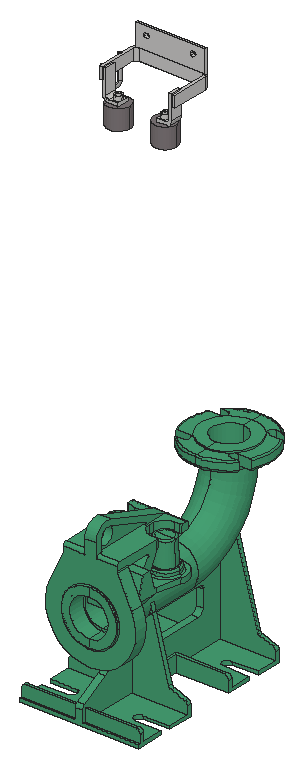
Revit family "Rail_System-Zoeller-(2pt5_3_Inch)", category Mechanical Equipment, Revit 2014
Parameters (values of type "39-0094 - 2-1/2" - 3" Rail System")
  Waste Connection = yes
  Vent Connection = no
  URL = "http://www.zoellerpumps.com/"
  Rail System Discharge Radius = 1 1/2"
  Rail System Discharge Diameter = Rail System Discharge Radius * 2  # 3"
  Pump Discharge Radius = 1 1/2"
  Pump Discharge Diameter = Pump Discharge Radius * 2  # 3"
  Product Page URL = ""
  Product Documentation Link = ""
  Price = "Prices may vary. Please consult Manufacturer Representative for most up-to-date price list."  # constant formula
  Non-Sparking Rail System = no
  Mounting Plate = Mounting_Plate-Zoeller-Rail_System-C00536 : Mounting Plate
  Model = "3\" Rail System"
  Material = "Metal-Zoeller-Epoxy Powder Coated Ductile Iron"
  Manufacturer = "Zoeller"
  HW Connection = no
  Description = "3\" Guide Rail System SS"
  Default Elevation = 60"
  Creation Date = "1/25/2016"  # constant formula
  Connection Type = "2-1/2\" or 3\" Horizontal Flange"
  CW Connection = yes
  Bracket Height = 60"
  Assembly Code = "D2030400"
Types (2): name | Non-Sparking Rail System | Mounting Plate | Material
  39-0094 - 2-1/2" - 3" Rail System | no | Mounting_Plate-Zoeller-Rail_System-C00536 : Mounting Plate | "Metal-Zoeller-Epoxy Powder Coated Ductile Iron"
  39-0095 - 2-1/2" - 3" Non-Sparking Rail Sytem | yes | Mounting_Plate-Zoeller-Rail_System-C00536 : Mounting Plate - C00535 | "Brass-Zoeller-Copper Alloy"
Reference planes (in)
  plane 1 "Center (Front/Back)": y = 0
  plane 2: z = 0
  plane 3 "Center (Left/Right)": x = 0
  plane 4: z = 8
  plane 5: z = 15.78125
  plane 6: y = 1.5
  plane 7: y = -13.625
  plane 8: y = -3.875
  plane 9: y = -1.125
  plane 10: y = -15.3125
  plane 11: x = -3.74897
  plane 12: x = 3.74897
  plane 13: y = -9.65625
  plane 14: x = 2.0625
  plane 15: x = -2.0625
  plane 16: z = 43.78125
Forms (in)
  Revolve 1, solid, material "Metal-Zoeller-Powder Coated Cast Iron"
    sketch origin (0, 0, 0) x (0, 1, 0) y (0, 0, 1)
      loop
        line (1.5, 13.98923) -> (1.99999, 13.98923) -> (2.12694, 14.70921)
        arc (2.12694, 14.70921) -> (2.1697, 14.78326) -> (2.25004, 14.8125) r 0.125
        line (2.25004, 14.8125) -> (3.62687, 14.8125)
        arc (3.62687, 14.8125) -> (3.71394, 14.84856) -> (3.75, 14.93563) r 0.12313
        line (3.75, 14.93563) -> (3.75, 15.56399)
        arc (3.75, 15.56399) -> (3.71382, 15.65132) -> (3.62649, 15.6875) r 0.12351
        line (3.62649, 15.6875) -> (2.50397, 15.6875) -> (2.50397, 15.78125) -> (1.5, 15.78125) -> (1.5, 13.98923)
      axis (0, 13.98923) -> (0, 15.78125)
    angle from 0 to 360
  Sweep 2, solid, material "Metal-Zoeller-Powder Coated Cast Iron"
    path origin (0, 0, 0) x (0, 1, 0) y (0, 0, 1)
      loop
        line (-14.03125, 8) -> (-6, 8)
        arc (-6, 8) -> (-1.75736, 9.75736) -> (0, 14) r 6
    profile origin (0, -10.01563, 8) x (0, 0, 1) y (1, 0, 0)
      loop
        circle (0, 0) r 2
      loop
        circle (0, 0) r 1.5
  Extrusion 3, solid, material "Metal-Zoeller-Powder Coated Cast Iron"
    sketch origin (0, 0, 0) x (0, 1, 0) y (0, 0, 1)
      loop
        line (-16.5625, 0.29688) -> (-1.42188, 0.29688) -> (-1.42188, 7.62859)
        arc (-1.42188, 7.62859) -> (-3.56034, 6.55535) -> (-5.92431, 6.18585) r 7.74689
        line (-5.92431, 6.18585) -> (-13.8125, 6.18585) -> (-13.8125, 3.19597)
        arc (-13.8125, 3.19597) -> (-13.86274, 3.00847) -> (-14, 2.87121) r 0.375
        line (-14, 2.87121) -> (-16.375, 1.60825)
        arc (-16.375, 1.60825) -> (-16.51226, 1.47099) -> (-16.5625, 1.28349) r 0.375
        line (-16.5625, 1.28349) -> (-16.5625, 0.29688)
      loop
        line (-3.75, 5.5) -> (-9, 5.5)
        arc (-9, 5.5) -> (-9.35355, 5.35355) -> (-9.5, 5) r 0.5
        line (-9.5, 5) -> (-9.5, 3.5)
        arc (-9.5, 3.5) -> (-9.35355, 3.14645) -> (-9, 3) r 0.5
        line (-9, 3) -> (-3.75, 3)
        arc (-3.75, 3) -> (-3.39645, 3.14645) -> (-3.25, 3.5) r 0.5
        line (-3.25, 3.5) -> (-3.25, 5)
        arc (-3.25, 5) -> (-3.39645, 5.35355) -> (-3.75, 5.5) r 0.5
    from -0.31032 to 0.31032
  Extrusion 4, solid, material "Metal-Zoeller-Powder Coated Cast Iron"
    sketch origin (0, 0, 0) x (0, 1, 0) y (0, 0, 1)
      loop
        line (-10.875, 0) -> (-10.875, 8.25872) -> (-11.17188, 8.25872) -> (-11.17188, 0.29687) -> (-16.5625, 0.29688) -> (-16.5625, 0) -> (-10.875, 0)
      loop
        line (-1.125, 0) -> (-1.125, 9.1408) -> (-1.42188, 9.1408) -> (-1.42188, 0.29687) -> (-6.625, 0.29687) -> (-6.625, 0) -> (-1.125, 0)
    from -5.25 to 5.25
  Extrusion 5, void
    sketch origin (20, 0, 0) x (1, 0, 0) y (0, 0, 1)
      loop
        line (-23.60237, 2.01986) -> (-21.4641, 10) -> (-25.75, 10) -> (-25.75, 0) -> (-25.25, 0) -> (-25.25, 0.98742)
        arc (-25.25, 0.98742) -> (-25.18218, 1.20251) -> (-25.00326, 1.33981) r 0.375
        line (-25.00326, 1.33981) -> (-23.83634, 1.76453)
        arc (-23.83634, 1.76453) -> (-23.68812, 1.86357) -> (-23.60237, 2.01986) r 0.375
      loop
        arc (-16.39763, 2.01986) -> (-16.31188, 1.86357) -> (-16.16366, 1.76453) r 0.375
        line (-16.16366, 1.76453) -> (-14.99674, 1.33981)
        arc (-14.99674, 1.33981) -> (-14.81782, 1.20251) -> (-14.75, 0.98742) r 0.375
        line (-14.75, 0.98742) -> (-14.75, 0) -> (-14.25, 0) -> (-14.25, 9.51992) -> (-18.40726, 9.51992) -> (-16.39763, 2.01986)
    from 0 to 12
  Extrusion 6, solid, material "Metal-Zoeller-Powder Coated Cast Iron"
    sketch origin (0.31032, 0, 0) x (0, 1, 0) y (0, 0, 1)
      loop
        line (-6.625, 1.36956) -> (-10.875, 1.36956) -> (-10.875, 0) -> (-6.625, 0) -> (-6.625, 1.36956)
    from 0 to 0.29688
  Extrusion 7, solid, material "Metal-Zoeller-Powder Coated Cast Iron"
    sketch origin (-0.31032, 0, 0) x (0, 1, 0) y (0, 0, -1)
      loop
        line (-6.625, -1.36956) -> (-6.625, 0) -> (-10.875, 0) -> (-10.875, -1.36956) -> (-6.625, -1.36956)
    from 0 to 0.29688
  Extrusion 8, solid, material "Metal-Zoeller-Powder Coated Cast Iron"
    sketch origin (0, -0.00862, 0.02976) x (1, 0, 0) y (0, 0, 1)
      loop
        line (4.875, 1.33981) -> (-4.875, 1.33981)
        arc (-4.875, 1.33981) -> (-5.14017, 1.22997) -> (-5.25, 0.96481) r 0.375
        line (-5.25, 0.96481) -> (-5.25, -0.02976) -> (5.25, -0.02976) -> (5.25, 0.96481)
        arc (5.25, 0.96481) -> (5.14017, 1.22997) -> (4.875, 1.33981) r 0.375
    from 6.31951 to 6.61638
  Extrusion 9, solid, material "Metal-Zoeller-Powder Coated Cast Iron"
    sketch origin (0, -9.75862, 0.02976) x (1, 0, 0) y (0, 0, 1)
      loop
        line (4.875, 1.33981) -> (-4.875, 1.33981)
        arc (-4.875, 1.33981) -> (-5.14017, 1.22997) -> (-5.25, 0.96481) r 0.375
        line (-5.25, 0.96481) -> (-5.25, -0.02976) -> (5.25, -0.02976) -> (5.25, 0.96481)
        arc (5.25, 0.96481) -> (5.14017, 1.22997) -> (4.875, 1.33981) r 0.375
    from 6.31951 to 6.61638
  Extrusion 10, void
    sketch origin (0, 0, 0) x (1, 0, 0) y (0, 1, 0)
      loop
        line (-2.92223, -3.43777) -> (-6.02347, -3.32947) -> (-6.02347, -4.42053) -> (-2.92223, -4.31223)
        arc (-2.92223, -4.31223) -> (-2.5, -3.875) -> (-2.92223, -3.43777) r 0.4375
      loop
        arc (2.92223, -3.43777) -> (2.5, -3.875) -> (2.92223, -4.31223) r 0.4375
        line (2.92223, -4.31223) -> (6.02347, -4.42053) -> (6.02347, -3.32947) -> (2.92223, -3.43777)
      loop
        line (-2.92223, -13.18777) -> (-6.02347, -13.07947) -> (-6.02347, -14.17053) -> (-2.92223, -14.06223)
        arc (-2.92223, -14.06223) -> (-2.5, -13.625) -> (-2.92223, -13.18777) r 0.4375
      loop
        arc (2.92223, -13.18777) -> (2.5, -13.625) -> (2.92223, -14.06223) r 0.4375
        line (2.92223, -14.06223) -> (6.02347, -14.17053) -> (6.02347, -13.07947) -> (2.92223, -13.18777)
    from 0 to 2.87389
  Extrusion 11, solid, material "Metal-Zoeller-Powder Coated Cast Iron"
    sketch origin (0, 0, 0) x (0, 1, 0) y (0, 0, 1)
      loop
        line (-12.65126, 11.5625) -> (-13.51237, 11.5625) -> (-13.95624, 9.93114) -> (-13.85503, 8) -> (-12.36082, 8) -> (-12.25961, 9.93114) -> (-12.65126, 11.5625)
    from -3.125 to 3.125
  Extrusion 12, void
    sketch origin (20, 0, 0) x (1, 0, 0) y (0, 0, 1)
      loop
        line (-18.16551, 7.98849) -> (-18.16551, 7.51896) -> (-15.31571, 7.51896) -> (-15.31571, 10.17126) -> (-16.36679, 10.17126) -> (-18.16551, 7.98849)
      loop
        line (-21.83449, 7.98849) -> (-23.63321, 10.17126) -> (-24.68429, 10.17126) -> (-24.68429, 7.51896) -> (-21.83449, 7.51896) -> (-21.83449, 7.98849)
    from 9.5 to 17.05935
  Extrusion 13, solid, material "Metal-Zoeller-Powder Coated Cast Iron"
    sketch origin (0, 0, 0) x (1, 0, 0) y (0, 1, 0)
      loop
        arc (-2.124, -7.90625) -> (-3.4132, -8.54201) -> (-3.69363, -9.95183) r 1.625
        line (-3.69363, -9.95183) -> (-3.125, -12.07398) -> (-3.125, -13.10792) -> (3.125, -13.10792) -> (3.125, -12.07398) -> (3.69363, -9.95183)
        arc (3.69363, -9.95183) -> (3.4132, -8.54201) -> (2.124, -7.90625) r 1.625
        line (2.124, -7.90625) -> (-2.124, -7.90625)
    from 9.55455 to 10
  Revolve 14, solid, material "Metal-Zoeller-Powder Coated Cast Iron"
    sketch origin (0.0625, -9.65625, 0) x (1, 0, 0) y (0, 0, 1)
      loop
        arc (3.38776, 10) -> (3.30093, 10.03508) -> (3.26284, 10.12064) r 0.125
        line (3.26284, 10.12064) -> (3.25421, 10.36764)
        arc (3.25421, 10.36764) -> (3.21767, 10.45732) -> (3.13176, 10.50201) r 0.14041
        line (3.13176, 10.50201) -> (3.00535, 10.51823)
        arc (3.00535, 10.51823) -> (2.96711, 10.53812) -> (2.95085, 10.57804) r 0.0625
        line (2.95085, 10.57804) -> (2.87921, 12.62936)
        arc (2.87921, 12.62936) -> (2.84112, 12.71492) -> (2.75429, 12.75) r 0.125
        line (2.75429, 12.75) -> (2, 12.75) -> (2, 10) -> (3.38776, 10)
      axis (2, 10) -> (2, 12.75)
    angle from 0 to 360
  Extrusion 15, void
    sketch origin (0, 0, 0) x (1, 0, 0) y (0, 1, 0)
      loop
        line (-3.73237, 1.68983) -> (-2.10823, 1.74655)
        arc (-2.10823, 1.74655) -> (-1.74632, 2.12132) -> (-2.10823, 2.49609) r 0.375
        line (-2.10823, 2.49609) -> (-3.73237, 2.49609) -> (-3.73237, 1.68983)
      loop
        line (3.73237, 1.68983) -> (3.73237, 2.49609) -> (2.10823, 2.49609)
        arc (2.10823, 2.49609) -> (1.74632, 2.12132) -> (2.10823, 1.74655) r 0.375
        line (2.10823, 1.74655) -> (3.73237, 1.68983)
      loop
        line (-3.73237, -1.68983) -> (-3.73237, -2.49609) -> (-2.10823, -2.49609)
        arc (-2.10823, -2.49609) -> (-1.74632, -2.12132) -> (-2.10823, -1.74655) r 0.375
        line (-2.10823, -1.74655) -> (-3.73237, -1.68983)
      loop
        line (3.73237, -1.68983) -> (2.10823, -1.74655)
        arc (2.10823, -1.74655) -> (1.74632, -2.12132) -> (2.10823, -2.49609) r 0.375
        line (2.10823, -2.49609) -> (3.73237, -2.49609) -> (3.73237, -1.68983)
    from 11.79898 to 18.1191
  Revolve 16, solid, material "Metal-Zoeller-Powder Coated Cast Iron"
    sketch origin (-0.0625, -9.65625, 0) x (-1, 0, 0) y (0, 0, -1)
      loop
        line (3.38776, -10) -> (2, -10) -> (2, -12.75) -> (2.75429, -12.75)
        arc (2.75429, -12.75) -> (2.84112, -12.71492) -> (2.87921, -12.62936) r 0.125
        line (2.87921, -12.62936) -> (2.95085, -10.57804)
        arc (2.95085, -10.57804) -> (2.96711, -10.53812) -> (3.00535, -10.51823) r 0.0625
        line (3.00535, -10.51823) -> (3.13176, -10.50201)
        arc (3.13176, -10.50201) -> (3.21767, -10.45732) -> (3.25421, -10.36764) r 0.14041
        line (3.25421, -10.36764) -> (3.26284, -10.12064)
        arc (3.26284, -10.12064) -> (3.30093, -10.03508) -> (3.38776, -10) r 0.125
      axis (2, -10) -> (2, -12.75)
    angle from 0 to 360
Cuts and joins
  Extrusion 10, Extrusion 15 cuts Extrusion 3
  Extrusion 5, Extrusion 10, Extrusion 15 cuts Extrusion 4
  Extrusion 10, Extrusion 15 cuts Extrusion 6
  Extrusion 10, Extrusion 15 cuts Extrusion 7
  Extrusion 10, Extrusion 15 cuts Extrusion 8
  Extrusion 10, Extrusion 15 cuts Extrusion 9
  joined: Extrusion 3, Extrusion 4, Extrusion 6, Extrusion 7, Extrusion 8, Extrusion 9
  Extrusion 10, Extrusion 15 cuts Sweep 2
  Extrusion 12, Extrusion 15 cuts Extrusion 11
  Extrusion 15 cuts Extrusion 13
  Extrusion 15 cuts Revolve 14
  joined: Sweep 2, Extrusion 11, Extrusion 13, Revolve 14, Revolve 16
  Extrusion 15 cuts Revolve 1
Lines and regions (in)
  Masking region 1
    outline origin (0, 0, 0) x (1, 0, 0) y (0, 1, 0)
      loop
        line (-5.25, -14.14352) -> (-5.25, -16.5625) -> (5.25, -16.5625) -> (5.25, -14.14352) -> (2.92223, -14.06223)
        arc (2.92223, -14.06223) -> (2.7779, -14.03235) -> (2.65169, -13.95624) r 0.4375
        line (2.65169, -13.95624) -> (3.125, -13.95624) -> (3.125, -13.18069) -> (5.25, -13.10648) -> (5.25, -10.875) -> (3.44627, -10.875) -> (3.69363, -9.95183)
        arc (3.69363, -9.95183) -> (3.4132, -8.54201) -> (2.124, -7.90625) r 1.625
        line (2.124, -7.90625) -> (2, -7.90625) -> (2, -6.625) -> (5.25, -6.625) -> (5.25, -4.39352) -> (2.92223, -4.31223)
        arc (2.92223, -4.31223) -> (2.5, -3.875) -> (2.92223, -3.43777) r 0.4375
        line (2.92223, -3.43777) -> (5.25, -3.35648) -> (5.25, -1.125) -> (3.57727, -1.125)
        arc (3.57727, -1.125) -> (3.73696, 0.3125) -> (3.34074, 1.70351) r 3.75
        line (3.34074, 1.70351) -> (2.10823, 1.74655)
        arc (2.10823, 1.74655) -> (1.74632, 2.12132) -> (2.10823, 2.49609) r 0.375
        line (2.10823, 2.49609) -> (2.79858, 2.49609)
        arc (2.79858, 2.49609) -> (0, 3.75) -> (-2.79858, 2.49609) r 3.75
        line (-2.79858, 2.49609) -> (-2.10823, 2.49609)
        arc (-2.10823, 2.49609) -> (-1.74632, 2.12132) -> (-2.10823, 1.74655) r 0.375
        line (-2.10823, 1.74655) -> (-3.34074, 1.70351)
        arc (-3.34074, 1.70351) -> (-3.73696, 0.3125) -> (-3.57727, -1.125) r 3.75
        line (-3.57727, -1.125) -> (-5.25, -1.125) -> (-5.25, -3.35648) -> (-2.92223, -3.43777)
        arc (-2.92223, -3.43777) -> (-2.5, -3.875) -> (-2.92223, -4.31223) r 0.4375
        line (-2.92223, -4.31223) -> (-5.25, -4.39352) -> (-5.25, -6.625) -> (-2, -6.625) -> (-2, -7.90625) -> (-2.124, -7.90625)
        arc (-2.124, -7.90625) -> (-3.4132, -8.54201) -> (-3.69363, -9.95183) r 1.625
        line (-3.69363, -9.95183) -> (-3.44627, -10.875) -> (-5.25, -10.875) -> (-5.25, -13.10648) -> (-3.125, -13.18069) -> (-3.125, -13.95624) -> (-2.65169, -13.95624)
        arc (-2.65169, -13.95624) -> (-2.7779, -14.03235) -> (-2.92223, -14.06223) r 0.4375
        line (-2.92223, -14.06223) -> (-5.25, -14.14352)
  symbolic lines, detail levels medium+fine
    curve 1: line (-2, -7.90625, 0) -> (2, -7.90625, 0)
    curve 2: line (-2.10823, -1.74655, 0) -> (-3.34074, -1.70351, 0)
    curve 3: arc (-2.10823, -2.49609, 0) -> (-1.74632, -2.12132, 0) -> (-2.10823, -1.74655, 0) r 0.375
    curve 4: line (-2.79858, -2.49609, 0) -> (-2.10823, -2.49609, 0)
    curve 5: line (2.10823, -2.49609, 0) -> (2.79858, -2.49609, 0)
    curve 6: arc (2.10823, -1.74655, 0) -> (1.74632, -2.12132, 0) -> (2.10823, -2.49609, 0) r 0.375
    curve 7: line (3.34074, -1.70351, 0) -> (2.10823, -1.74655, 0)
    curve 8: arc (-2.79858, -2.49609, 0) -> (0, -3.75134, 0) -> (2.79858, -2.49609, 0) r 3.74733
    curve 9: arc (3.34074, -1.70351, 0) -> (3.46925, -1.41844, 0) -> (3.57727, -1.125, 0) r 4.41963
    curve 10: arc (-3.34074, -1.70351, 0) -> (-3.46925, -1.41844, 0) -> (-3.57727, -1.125, 0) r 4.41963
    curve 11: line (-3.125, -13.18069, 0) -> (-3.125, -12.27935, 0)
    curve 12: line (-3.125, -12.27935, 0) -> (-3.44627, -10.875, 0)
    curve 13: line (3.125, -13.18069, 0) -> (3.125, -12.27935, 0)
    curve 14: line (3.125, -12.27935, 0) -> (3.44627, -10.875, 0)
    curve 15: line (-2.65169, -13.95624, 0) -> (2.65169, -13.95624, 0)
  symbolic lines, detail levels fine
    curve 16: circle (0, 0, 0) r 1.5 normal (0, 0, 1)
    curve 17: line (-2, -6.625, 0) -> (-2, -3.173, 0)
    curve 18: line (2, -6.625, 0) -> (2, -3.173, 0)
Dimensions and locks (in)
  locked: Revolve 1 sketch curve to plane 1 "Center (Front/Back)" at 3.75
  locked: Revolve 1 sketch curve to Revolve 1 sketch curve at 1.24603
  locked: Revolve 1 sketch curve to Revolve 1 sketch curve at 1.62306
  "Rail System Discharge Radius": plane 6 to plane 1 "Center (Front/Back)"
  locked: Revolve 1 sketch curve to Revolve 1 sketch curve at 1.75001
  plane 15 to plane 14 = 4 1/8"  (x2)
  "Pump Discharge Radius": radius of Sweep 2 sketch curve
  aligned and locked: Revolve 1 sketch curve to plane 6
  aligned and locked: plane 3 "Center (Left/Right)" to nested 1
  aligned and locked: plane 3 "Center (Left/Right)" to nested 2
  aligned and locked: plane 13 to nested 2
Automatic sketch dimensions
  plane 9 to curve 10 = 0"
  plane 1 "Center (Front/Back)" to curve 16 = 0"
  curve 16 to plane 3 "Center (Left/Right)" = 0"
  curve 8 to plane 3 "Center (Left/Right)" = 0"
  plane 9 to curve 9 = 0"
  curve 9 to plane 1 "Center (Front/Back)" = 0.25417"
  curve 9 to plane 3 "Center (Left/Right)" = 0.62166"
  curve 17 to plane 15 = 1/16"
  curve 1 to plane 15 = 1/16"
  plane 15 to curve 3 = 0.04573"  (x2)
  plane 15 to curve 3 = 0.05882"
  plane 15 to curve 15 = 0.58919"
  curve 8 to curve 3 = 0.69034"
  curve 11 to plane 11 = 0.62397"
  curve 10 to plane 11 = 0.40823"
  curve 12 to plane 11 = 0.3027"
  curve 10 to plane 11 = 0.1717"
  curve 10 to plane 1 "Center (Front/Back)" = 0.25417"
  plane 3 "Center (Left/Right)" to curve 10 = 0.62166"
  curve 1 to plane 14 = 1/16"
  curve 18 to plane 14 = 1/16"
  plane 14 to curve 6 = 0.04573"
  plane 14 to curve 7 = 0.04573"
  plane 14 to curve 6 = 0.05882"
  plane 14 to curve 15 = 0.58919"
  curve 5 to curve 5 = 0.69034"
  curve 13 to plane 12 = 0.62397"
  curve 7 to plane 12 = 0.40823"
  curve 14 to plane 12 = 0.3027"
  curve 9 to plane 12 = 0.1717"
  plane 9 to curve 3 = 0.62155"
  plane 9 to curve 7 = 0.62155"
  curve 3 to curve 2 = 0.37477"
  curve 18 to curve 5 = 0.67691"
  plane 8 to curve 17 = 2 3/4"
  plane 8 to curve 18 = 2 3/4"
  curve 1 to curve 18 = 1 9/32"
  plane 13 to curve 12 = 1 7/32"
  plane 13 to curve 14 = 1 7/32"
  curve 13 to plane 7 = 1.34565"
  curve 11 to plane 7 = 1.34565"
  curve 13 to plane 7 = 0.44431"
  curve 11 to plane 7 = 0.44431"
  plane 7 to curve 15 = 0.33124"
  Revolve 1 sketch curve to plane 1 "Center (Front/Back)" = 0"
  Revolve 1 sketch curve to plane 5 = 0"
  Revolve 1 sketch curve to Revolve 1 sketch curve = 0.1231"
  Revolve 1 sketch curve to plane 5 = 3/32"
  Revolve 1 sketch curve to Revolve 1 sketch curve = 0.12351"
  Revolve 1 sketch curve to Revolve 1 sketch curve = 0.12313"
  Revolve 1 sketch curve to Revolve 1 sketch curve = 0.62836"
  Revolve 1 sketch curve to Revolve 1 sketch curve = 0.10329"
  Revolve 1 sketch curve to Revolve 1 sketch curve = 0.71998"
  plane 5 to Revolve 1 sketch curve = 1.09568"
  Revolve 1 sketch curve to Revolve 1 sketch curve = 2 1/4"
  Sweep 2 sketch curve to plane 4 = 0"
  Sweep 2 sketch curve to plane 1 "Center (Front/Back)" = 0"
  plane 8 to Sweep 2 sketch curve = 2 1/8"
  plane 7 to Sweep 2 sketch curve = 13/32"
  Sweep 2 sketch curve to Sweep 2 sketch curve = 0"  (x2)
  Sweep 2 sketch curve to plane 3 "Center (Left/Right)" = 0"
  Sweep 2 sketch curve to profile plane = 0"
  level to Extrusion 3 sketch curve = 19/64"
  plane 10 to Extrusion 3 sketch curve = 1 1/4"
  Extrusion 3 sketch curve to Extrusion 3 sketch curve = 3/16"  (x2)
  Extrusion 3 sketch curve to Extrusion 3 sketch curve = 3/8"
  plane 7 to Extrusion 3 sketch curve = 9/16"
  plane 7 to Extrusion 3 sketch curve = 3/16"
  Extrusion 3 sketch curve to plane 13 = 5/32"
  Extrusion 3 sketch curve to plane 13 = 21/32"
  Extrusion 3 sketch curve to Extrusion 3 sketch curve = 1/2"  (x2)
  plane 8 to Extrusion 3 sketch curve = 2.04931"
  Extrusion 3 sketch curve to plane 8 = 1/8"  (x2)
  plane 9 to Extrusion 3 sketch curve = 19/64"
  Extrusion 3 sketch curve to Extrusion 3 sketch curve = 0.98662"
  Extrusion 3 sketch curve to Extrusion 3 sketch curve = 1.26295"
  level to Extrusion 3 sketch curve = 3"
  Extrusion 3 sketch curve to Extrusion 3 sketch curve = 1 1/2"
  Extrusion 3 sketch curve to plane 4 = 1.81415"
  Extrusion 3 sketch curve to plane 4 = 0.37141"
  Extrusion 4 sketch curve to level = 0"  (x2)
  Extrusion 4 sketch curve to plane 9 = 0"
  plane 9 to Extrusion 4 sketch curve = 19/64"
  level to Extrusion 4 sketch curve = 19/64"  (x2)
  plane 8 to Extrusion 4 sketch curve = 2 3/4"
  plane 4 to Extrusion 4 sketch curve = 0.25872"
  plane 13 to Extrusion 4 sketch curve = 1 7/32"
  Extrusion 4 sketch curve to Extrusion 4 sketch curve = 19/64"
  plane 10 to Extrusion 4 sketch curve = 1 1/4"
  plane 4 to Extrusion 4 sketch curve = 1.1408"
  Extrusion 5 sketch curve to level = 0"  (x2)
  plane 11 to Extrusion 5 sketch curve = 2.00103"
  Extrusion 5 sketch curve to Extrusion 5 sketch curve = 1/2"
  Extrusion 5 sketch curve to Extrusion 5 sketch curve = 0.24674"
  Extrusion 5 sketch curve to Extrusion 5 sketch curve = 0.12826"  (x2)
  plane 11 to Extrusion 5 sketch curve = 0.21563"
  plane 11 to Extrusion 5 sketch curve = 0.08737"
  Extrusion 5 sketch curve to plane 11 = 0.14659"
  Extrusion 5 sketch curve to plane 15 = 0.5984"
  Extrusion 5 sketch curve to plane 14 = 0.46976"
  Extrusion 5 sketch curve to plane 12 = 0.14659"
  plane 12 to Extrusion 5 sketch curve = 0.08737"
  plane 12 to Extrusion 5 sketch curve = 0.21563"
  plane 12 to Extrusion 5 sketch curve = 1.12603"
  Extrusion 5 sketch curve to Extrusion 5 sketch curve = 3/8"
  plane 12 to Extrusion 5 sketch curve = 2.00103"
  level to Extrusion 5 sketch curve = 0.98742"
  Extrusion 5 sketch curve to Extrusion 5 sketch curve = 0.98742"
  Extrusion 5 sketch curve to Extrusion 5 sketch curve = 0.42472"  (x2)
  Extrusion 5 sketch curve to Extrusion 5 sketch curve = 0.25533"  (x2)
  plane 4 to Extrusion 5 sketch curve = 1.51992"
  plane 4 to Extrusion 5 sketch curve = 2"
  Extrusion 6 sketch curve to level = 0"
  plane 13 to Extrusion 6 sketch curve = 1 7/32"
  plane 8 to Extrusion 6 sketch curve = 2 3/4"
  level to Extrusion 6 sketch curve = 1.36956"
  Extrusion 7 sketch curve to level = 0"
  plane 13 to Extrusion 7 sketch curve = 1 7/32"
  plane 8 to Extrusion 7 sketch curve = 2 3/4"
  Extrusion 7 sketch curve to Extrusion 7 sketch curve = 1.36956"
  Extrusion 8 sketch curve to level = 0"
  plane 11 to Extrusion 8 sketch curve = 1.50103"
  Extrusion 8 sketch curve to Extrusion 8 sketch curve = 3/8"  (x2)
  plane 12 to Extrusion 8 sketch curve = 1.12603"
  Extrusion 8 sketch curve to Extrusion 8 sketch curve = 0.99456"
  Extrusion 9 sketch curve to level = 0"
  plane 11 to Extrusion 9 sketch curve = 1.50103"
  Extrusion 9 sketch curve to Extrusion 9 sketch curve = 3/8"  (x2)
  plane 12 to Extrusion 9 sketch curve = 1.12603"
  Extrusion 9 sketch curve to Extrusion 9 sketch curve = 0.99456"
  plane 7 to Extrusion 10 sketch curve = 0"  (x2)
  plane 8 to Extrusion 10 sketch curve = 0"  (x2)
  Extrusion 10 sketch curve to plane 8 = 0.54553"  (x2)
  plane 11 to Extrusion 10 sketch curve = 2.2745"  (x2)
  plane 7 to Extrusion 10 sketch curve = 0.54553"  (x2)
  Extrusion 10 sketch curve to plane 11 = 0.81147"  (x2)
  Extrusion 10 sketch curve to Extrusion 10 sketch curve = 0.01527"  (x6)
  Extrusion 10 sketch curve to plane 12 = 0.82674"  (x4)
  plane 12 to Extrusion 10 sketch curve = 2.2745"  (x2)
  plane 7 to Extrusion 10 sketch curve = 0.43723"  (x2)
  Extrusion 10 sketch curve to plane 7 = 0.54553"  (x2)
  plane 8 to Extrusion 10 sketch curve = 0.54553"  (x2)
  plane 8 to Extrusion 10 sketch curve = 0.43723"  (x2)
  Extrusion 11 sketch curve to plane 4 = 0"
  plane 7 to Extrusion 11 sketch curve = 0.33124"
  plane 7 to Extrusion 11 sketch curve = 0.23003"
  Extrusion 11 sketch curve to plane 7 = 0.11263"
  Extrusion 11 sketch curve to Extrusion 11 sketch curve = 0.86111"
  Extrusion 11 sketch curve to plane 7 = 1.26418"
  Extrusion 11 sketch curve to plane 7 = 1.36539"
  plane 4 to Extrusion 11 sketch curve = 1.93114"
  Extrusion 11 sketch curve to Extrusion 11 sketch curve = 0"
  Extrusion 11 sketch curve to Extrusion 11 sketch curve = 1.63136"
  plane 11 to Extrusion 12 sketch curve = 0.93532"
  Extrusion 12 sketch curve to plane 11 = 0.11576"
  Extrusion 12 sketch curve to plane 15 = 0.22801"
  Extrusion 12 sketch curve to plane 4 = 0.01151"  (x2)
  Extrusion 12 sketch curve to plane 14 = 0.22801"
  Extrusion 12 sketch curve to plane 12 = 0.11576"
  plane 12 to Extrusion 12 sketch curve = 0.93532"
  Extrusion 12 sketch curve to Extrusion 12 sketch curve = 0.46953"
  Extrusion 12 sketch curve to plane 4 = 0.48104"
  plane 4 to Extrusion 12 sketch curve = 2.17126"  (x2)
  Extrusion 13 sketch curve to plane 11 = 0.05534"
  Extrusion 13 sketch curve to plane 11 = 0.62397"
  plane 15 to Extrusion 13 sketch curve = 0.0615"
  plane 14 to Extrusion 13 sketch curve = 0.0615"
  Extrusion 13 sketch curve to plane 12 = 0.62397"
  Extrusion 13 sketch curve to plane 12 = 0.05534"
  Extrusion 13 sketch curve to plane 7 = 0.51708"
  Extrusion 13 sketch curve to Extrusion 13 sketch curve = 1.03394"  (x2)
  plane 13 to Extrusion 13 sketch curve = 0.29558"  (x2)
  Extrusion 13 sketch curve to plane 13 = 1/8"
  Revolve 14 sketch curve to plane 14 = 0"  (x2)
  plane 14 to Revolve 14 sketch curve = 0.75429"
  Revolve 14 sketch curve to Revolve 14 sketch curve = 0.12492"  (x2)
  Revolve 14 sketch curve to plane 12 = 0.73562"
  Revolve 14 sketch curve to Revolve 14 sketch curve = 0.05451"
  Revolve 14 sketch curve to Revolve 14 sketch curve = 0.06246"
  Revolve 14 sketch curve to Revolve 14 sketch curve = 0.10854"
  Revolve 14 sketch curve to Revolve 14 sketch curve = 0.12641"
  Revolve 14 sketch curve to Revolve 14 sketch curve = 0.14032"
  Revolve 14 sketch curve to Revolve 14 sketch curve = 0.00863"
  plane 4 to Revolve 14 sketch curve = 2"
  Revolve 14 sketch curve to Revolve 14 sketch curve = 0.12064"
  Revolve 14 sketch curve to Revolve 14 sketch curve = 0.24211"
  Revolve 14 sketch curve to Revolve 14 sketch curve = 0.0049"
  Revolve 14 sketch curve to Revolve 14 sketch curve = 0.01622"
  Revolve 14 sketch curve to Revolve 14 sketch curve = 0.05981"
  Revolve 14 sketch curve to Revolve 14 sketch curve = 2.04696"
  Revolve 14 sketch curve to Revolve 14 sketch curve = 0.00436"
  Revolve 14 sketch curve to Revolve 14 sketch curve = 0"
  Revolve 14 sketch curve to Revolve 14 sketch curve = 0.42688"
  Extrusion 15 sketch curve to plane 11 = 0.0166"  (x2)
  plane 15 to Extrusion 15 sketch curve = 0.05882"  (x2)
  plane 15 to Extrusion 15 sketch curve = 0.04573"  (x4)
  plane 14 to Extrusion 15 sketch curve = 0.04573"  (x4)
  plane 14 to Extrusion 15 sketch curve = 0.05882"  (x2)
  Extrusion 15 sketch curve to plane 12 = 0.0166"  (x2)
  plane 9 to Extrusion 15 sketch curve = 1 95/256"  (x2)
  Extrusion 15 sketch curve to Extrusion 15 sketch curve = 0.37477"  (x4)
  plane 9 to Extrusion 15 sketch curve = 0.56483"  (x2)
  Extrusion 15 sketch curve to plane 1 "Center (Front/Back)" = 1.68983"  (x2)
  Extrusion 15 sketch curve to Extrusion 15 sketch curve = 0.05672"  (x2)
  Masking region 1 sketch curve to Masking region 1 sketch curve = 0"  (x10)
  plane 9 to Masking region 1 sketch curve = 0"  (x2)
  plane 8 to Masking region 1 sketch curve = 0"  (x2)
  plane 7 to Masking region 1 sketch curve = 0"  (x2)
  plane 1 "Center (Front/Back)" to Masking region 1 sketch curve = 0"
  Masking region 1 sketch curve to plane 3 "Center (Left/Right)" = 0"
  Masking region 1 sketch curve to plane 15 = 1/16"
  plane 15 to Masking region 1 sketch curve = 0.04573"  (x2)
  plane 15 to Masking region 1 sketch curve = 0.05882"
  plane 15 to Masking region 1 sketch curve = 0.0615"
  plane 15 to Masking region 1 sketch curve = 0.58919"
  Masking region 1 sketch curve to Masking region 1 sketch curve = 0.69034"  (x2)
  Masking region 1 sketch curve to plane 11 = 0.82674"  (x2)
  Masking region 1 sketch curve to Masking region 1 sketch curve = 0.27054"  (x2)
  Masking region 1 sketch curve to Masking region 1 sketch curve = 0.01527"  (x4)
  Masking region 1 sketch curve to Masking region 1 sketch curve = 0.20277"  (x2)
  Masking region 1 sketch curve to plane 11 = 0.40823"
  Masking region 1 sketch curve to plane 11 = 0.3027"
  Masking region 1 sketch curve to plane 11 = 0.1717"
  Masking region 1 sketch curve to plane 11 = 0.05534"
  Masking region 1 sketch curve to plane 7 = 0.51852"  (x2)
  plane 11 to Masking region 1 sketch curve = 1.50103"  (x2)
  plane 7 to Masking region 1 sketch curve = 0.51852"  (x2)
  plane 8 to Masking region 1 sketch curve = 0.51852"  (x2)
  Masking region 1 sketch curve to plane 14 = 1/16"
  plane 14 to Masking region 1 sketch curve = 0.04573"  (x2)
  plane 14 to Masking region 1 sketch curve = 0.05882"
  plane 14 to Masking region 1 sketch curve = 0.0615"
  plane 14 to Masking region 1 sketch curve = 0.58919"
  Masking region 1 sketch curve to plane 12 = 0.82674"  (x2)
  Masking region 1 sketch curve to plane 12 = 0.40823"
  Masking region 1 sketch curve to plane 12 = 0.3027"
  Masking region 1 sketch curve to plane 12 = 0.1717"
  Masking region 1 sketch curve to plane 12 = 0.05534"
  plane 12 to Masking region 1 sketch curve = 1.50103"  (x2)
  plane 10 to Masking region 1 sketch curve = 1 1/4"
  plane 7 to Masking region 1 sketch curve = 0.43723"  (x2)
  Masking region 1 sketch curve to plane 7 = 0.44431"  (x2)
  plane 13 to Masking region 1 sketch curve = 1 7/32"  (x2)
  plane 13 to Masking region 1 sketch curve = 0.29558"  (x2)
  Masking region 1 sketch curve to plane 13 = 1/8"  (x2)
  Masking region 1 sketch curve to Masking region 1 sketch curve = 2.23148"
  Masking region 1 sketch curve to Masking region 1 sketch curve = 1 9/32"
  plane 8 to Masking region 1 sketch curve = 0.43723"  (x2)
  Masking region 1 sketch curve to plane 8 = 0.51852"  (x2)
  Masking region 1 sketch curve to Masking region 1 sketch curve = 0.04304"  (x2)
  Masking region 1 sketch curve to Masking region 1 sketch curve = 0.37477"
  plane 15 to Revolve 16 sketch curve = 0"  (x2)
  plane 15 to Revolve 16 sketch curve = 0.75429"
  Revolve 16 sketch curve to Revolve 16 sketch curve = 0.12492"  (x2)
  Revolve 16 sketch curve to plane 11 = 0.73562"
  Revolve 16 sketch curve to Revolve 16 sketch curve = 0.05451"
  Revolve 16 sketch curve to Revolve 16 sketch curve = 0.00795"
  Revolve 16 sketch curve to Revolve 16 sketch curve = 0.10854"
  Revolve 16 sketch curve to Revolve 16 sketch curve = 0.12641"
  Revolve 16 sketch curve to Revolve 16 sketch curve = 0.14032"
  Revolve 16 sketch curve to Revolve 16 sketch curve = 0.00863"
  Revolve 16 sketch curve to plane 5 = 2.60437"
  Revolve 16 sketch curve to Revolve 16 sketch curve = 0.42688"
  Revolve 16 sketch curve to Revolve 16 sketch curve = 0"
  Revolve 16 sketch curve to Revolve 16 sketch curve = 0.12064"
  Revolve 16 sketch curve to Revolve 16 sketch curve = 2.04914"
  Revolve 16 sketch curve to Revolve 16 sketch curve = 0.00218"
  Revolve 16 sketch curve to Revolve 16 sketch curve = 0.01622"
  Revolve 16 sketch curve to Revolve 16 sketch curve = 0.13437"
  Revolve 16 sketch curve to Revolve 16 sketch curve = 0.24264"
  Revolve 16 sketch curve to Revolve 16 sketch curve = 0.00436"
  radius of curve 16 = 1 1/2"
  radius of Sweep 2 sketch curve = 2"
Nested families (in)
  nested 1: "Mounting_Plate-Zoeller-Rail_System-C00536" at (0, -15.46744, 8), type <- "Mounting Plate", type "Mounting Plate"
  nested 2: "Bracket-Zoeller-Rail_System-014141" at (0, -9.65625, 43.455), type "Bracket"
Connectors (in)
  piping at (0, -15.46744, 8), diameter 3, driven by "Pump Discharge Radius"
    settings: on nested 1, index 1, connector inside diameter 2 1/2", connector length 0", flow factor 0, pipe flow 0 GPM, pressure drop 0.00 psi, fitting loss kfactor 0, connector angle 0.00°, fixture units 0, engagement length 0", angle of deflection 0.00°, flow configuration 0, flow direction 1, fitting loss method 0, system type 29, joint type 0, gender type 0, connector reference index -1, connector utility 0, adjustable connector no, is connector primary yes, connector description "Horizontal Flange Discharge"
  piping at (0, 0, 15.78125), diameter 3, driven by "Rail System Discharge Radius"
    settings: on Revolve 1, index 2, connector inside diameter 3", connector length 0", flow factor 0, pipe flow 0 GPM, pressure drop 0.00 psi, fitting loss kfactor 0, connector angle 0.00°, fixture units 0, engagement length 0", angle of deflection 0.00°, flow configuration 0, flow direction 2, fitting loss method 0, system type 29, joint type 0, gender type 0, connector reference index -1, connector utility 0, adjustable connector no, is connector primary no, connector description "Rail System Discharge Connection"
Definition of nested family "Mounting_Plate-Zoeller-Rail_System-C00536"
  Parameters (values of type "Mounting Plate - C00535")
    Waste Connection = yes
    Vent Connection = no
    URL = "http://www.zoellerpumps.com/"
    Price = "Prices may vary. Please consult Manufacturer Representative for most up-to-date price list."  # constant formula
    Model = "C00536"
    Material = "Metal-Zoeller-Powder Coated Cast Iron"  # constant formula
    Manufacturer = "Zoeller"
    HW Connection = no
    Description = "Mountain Plate"
    Default Elevation = 60"
    Creation Date = "3/24/2016"  # constant formula
    CW Connection = yes
    Body Material = Brass-Zoeller-Copper Alloy
    Assembly Code = "D2030400"
  Types (2): name | Body Material
    Mounting Plate - C00536 | Metal-Zoeller-Powder Coated Cast Iron
    Mounting Plate - C00535 | Brass-Zoeller-Copper Alloy
  Reference planes (in)
    plane 1 "Center (Front/Back)": y = 0
    plane 2: z = 0
    plane 3 "Center (Left/Right)": x = 0
    plane 4: x = -0.34287
    plane 5: x = 0.34287
  Forms (in)
    Extrusion 1, solid, material "Brass-Zoeller-Copper Alloy" <- "Body Material"
      sketch origin (0, 0.06693, 0) x (1, 0, 0) y (0, 0, 1)
        loop
          line (3.6358, 1.66762) -> (2.40914, 4.34201)
          arc (2.40914, 4.34201) -> (2.38364, 4.41834) -> (2.375, 4.49835) r 0.375
          line (2.375, 4.49835) -> (2.375, 4.7128) -> (-2.375, 4.7128) -> (-2.375, 4.49835)
          arc (-2.375, 4.49835) -> (-2.38364, 4.41834) -> (-2.40914, 4.34201) r 0.375
          line (-2.40914, 4.34201) -> (-3.6358, 1.66762)
          arc (-3.6358, 1.66762) -> (0, -4) -> (3.6358, 1.66762) r 4
        loop
          circle (0, 0) r 2
      from -1.18176 to -0.08801
    Extrusion 2, solid, material "Brass-Zoeller-Copper Alloy" <- "Body Material"
      sketch origin (0, 0.06693, 0) x (0, 1, 0) y (0, 0, 1)
        loop
          arc (0.37869, 5.0625) -> (0.17315, 4.97736) -> (0.08801, 4.77181) r 0.29069
          line (0.08801, 4.77181) -> (0.08801, 4.25) -> (1.18176, 4.25)
          arc (1.18176, 4.25) -> (1.21837, 4.33839) -> (1.30676, 4.375) r 0.125
          line (1.30676, 4.375) -> (3.37633, 4.375)
          arc (3.37633, 4.375) -> (3.48459, 4.3125) -> (3.48459, 4.1875) r 0.125
          line (3.48459, 4.1875) -> (3.01549, 3.375) -> (2.68176, 3.375) -> (2.8168, 2.8125) -> (3.48459, 2.8125)
          arc (3.48459, 2.8125) -> (3.54709, 2.82925) -> (3.59284, 2.875) r 0.125
          line (3.59284, 2.875) -> (4.42278, 4.3125)
          arc (4.42278, 4.3125) -> (4.46853, 4.35825) -> (4.53103, 4.375) r 0.125
          line (4.53103, 4.375) -> (7.68176, 4.375)
          arc (7.68176, 4.375) -> (7.77014, 4.41161) -> (7.80676, 4.5) r 0.125
          line (7.80676, 4.5) -> (7.80676, 4.9375)
          arc (7.80676, 4.9375) -> (7.77014, 5.02589) -> (7.68176, 5.0625) r 0.125
          line (7.68176, 5.0625) -> (0.37869, 5.0625)
      from -2.375 to 2.375
    Extrusion 3, solid, material "Brass-Zoeller-Copper Alloy" <- "Body Material"
      sketch origin (0, 0.06693, 0) x (0, 1, 0) y (0, 0, 1)
        loop
          arc (7.80543, 4.95564) -> (7.78869, 5.03852) -> (7.72301, 5.09178) r 0.125
          line (7.72301, 5.09178) -> (1.75056, 7.17996)
          arc (1.75056, 7.17996) -> (0.61454, 7.01936) -> (0.08801, 6) r 1.25
          line (0.08801, 6) -> (0.08801, 4.77181)
          arc (0.08801, 4.77181) -> (0.17315, 4.97736) -> (0.37869, 5.0625) r 0.29069
          line (0.37869, 5.0625) -> (0.71301, 5.0625)
          arc (0.71301, 5.0625) -> (0.62462, 5.09911) -> (0.58801, 5.1875) r 0.125
          line (0.58801, 5.1875) -> (0.58801, 6)
          arc (0.58801, 6) -> (0.90393, 6.61162) -> (1.58554, 6.70797) r 0.75
          line (1.58554, 6.70797) -> (5.59681, 5.3055)
          arc (5.59681, 5.3055) -> (5.67879, 5.16658) -> (5.55555, 5.0625) r 0.125
          line (5.55555, 5.0625) -> (7.68176, 5.0625)
          arc (7.68176, 5.0625) -> (7.76348, 5.03209) -> (7.80543, 4.95564) r 0.125
      from -0.5 to 0.5
    Extrusion 4, solid, material "Brass-Zoeller-Copper Alloy" <- "Body Material"
      sketch origin (0, 0.06693, 0) x (0, 1, 0) y (0, 0, 1)
        loop
          line (5.59681, 5.3055) -> (1.58554, 6.70797)
          arc (1.58554, 6.70797) -> (1.77209, 5.38838) -> (0.58801, 6) r 0.75
          line (0.58801, 6) -> (0.58801, 5.1875)
          arc (0.58801, 5.1875) -> (0.62462, 5.09911) -> (0.71301, 5.0625) r 0.125
          line (0.71301, 5.0625) -> (5.55555, 5.0625)
          arc (5.55555, 5.0625) -> (5.67879, 5.16658) -> (5.59681, 5.3055) r 0.125
        loop
          line (7.55712, 4.375) -> (7.55712, 4.505) -> (3.80712, 4.505) -> (3.80712, 3.79898) -> (3.48459, 3.42367) -> (3.48459, 2.8125) -> (3.52973, 2.8125)
          arc (3.52973, 2.8125) -> (3.56147, 2.81547) -> (3.59211, 2.82427) r 0.17127
          line (3.59211, 2.82427) -> (7.55712, 4.375)
      from -0.34287 to 0.34287
    Revolve 5, solid, material "Brass-Zoeller-Copper Alloy" <- "Body Material"
      sketch origin (0, 0.06693, 0) x (0, 1, 0) y (0, 0, 1)
        loop
          line (1.36926, 1.6875) -> (1.36926, 1.9375)
          arc (1.36926, 1.9375) -> (1.35095, 1.98169) -> (1.30676, 2) r 0.0625
          line (1.30676, 2) -> (1.24426, 2)
          arc (1.24426, 2) -> (1.20006, 2.01831) -> (1.18176, 2.0625) r 0.0625
          line (1.18176, 2.0625) -> (1.18176, 2.5) -> (-0.00443, 2.5)
          arc (-0.00443, 2.5) -> (-0.04862, 2.48169) -> (-0.06693, 2.4375) r 0.0625
          line (-0.06693, 2.4375) -> (-0.06693, 1.6875) -> (1.36926, 1.6875)
        axis (1.36926, 0) -> (-0.06693, 0)
      angle from 0 to 360
    Extrusion 6, void
      sketch origin (0, 0.06693, 0) x (0, 1, 0) y (0, 0, 1)
        loop
          line (1.17508, -2.36073) -> (0.95465, -4.259) -> (1.57894, -4.259) -> (1.57894, -2.13966) -> (1.18176, -2.13966) -> (1.18176, -2.24538)
          arc (1.18176, -2.24538) -> (1.18009, -2.30316) -> (1.17508, -2.36073) r 1
      from -5.02249 to 4.00169
    Extrusion 7, void
      sketch origin (0, 0.06693, 0) x (1, 0, 0) y (0, 1, 0)
        loop
          arc (-2.25218, 7.06653) -> (-2.33916, 7.1039) -> (-2.375, 7.19151) r 0.125
          line (-2.375, 7.19151) -> (-2.375, 4.4326)
          arc (-2.375, 4.4326) -> (-2.33916, 4.52021) -> (-2.25218, 4.55758) r 0.125
          line (-2.25218, 4.55758) -> (-1.73255, 4.56665)
          arc (-1.73255, 4.56665) -> (-1.03675, 4.86559) -> (-0.75, 5.56649) r 1
          line (-0.75, 5.56649) -> (-0.75, 6.05761)
          arc (-0.75, 6.05761) -> (-1.03675, 6.75852) -> (-1.73255, 7.05746) r 1
          line (-1.73255, 7.05746) -> (-2.25218, 7.06653)
        loop
          line (2.25218, 7.06653) -> (1.73255, 7.05746)
          arc (1.73255, 7.05746) -> (1.03675, 6.75852) -> (0.75, 6.05761) r 1
          line (0.75, 6.05761) -> (0.75, 5.56649)
          arc (0.75, 5.56649) -> (1.03675, 4.86559) -> (1.73255, 4.56665) r 1
          line (1.73255, 4.56665) -> (2.25218, 4.55758)
          arc (2.25218, 4.55758) -> (2.33916, 4.52021) -> (2.375, 4.4326) r 0.125
          line (2.375, 4.4326) -> (2.375, 7.19151)
          arc (2.375, 7.19151) -> (2.33916, 7.1039) -> (2.25218, 7.06653) r 0.125
      from 0 to 12
  Cuts and joins
    Extrusion 6 cuts Revolve 5
    Extrusion 6 cuts Extrusion 1
    Extrusion 7 cuts Extrusion 2
    Extrusion 7 cuts Extrusion 3
    joined: Extrusion 1, Extrusion 2, Extrusion 3
    Extrusion 7 cuts Extrusion 4
  Lines and regions (in)
    Masking region 1
      outline origin (0, 0, 0) x (1, 0, 0) y (0, 1, 0)
        loop
          line (-0.75, 6.12454) -> (-0.75, 5.63344)
          arc (-0.75, 5.63344) -> (-1.03675, 4.93253) -> (-1.73255, 4.6336) r 1
          line (-1.73255, 4.6336) -> (-2.25218, 4.62453)
          arc (-2.25218, 4.62453) -> (-2.33916, 4.58716) -> (-2.375, 4.49954) r 0.125
          line (-2.375, 4.49954) -> (-2.375, 1.24869) -> (-4, 1.24869) -> (-4, 0.15494) -> (-2.50361, 0.15494) -> (-2.50361, 0) -> (2.50361, 0) -> (2.50361, 0.15494) -> (4, 0.15494) -> (4, 1.24869) -> (2.375, 1.24869) -> (2.375, 4.49954)
          arc (2.375, 4.49954) -> (2.33916, 4.58716) -> (2.25218, 4.62453) r 0.125
          line (2.25218, 4.62453) -> (1.73255, 4.6336)
          arc (1.73255, 4.6336) -> (1.03675, 4.93253) -> (0.75, 5.63344) r 1
          line (0.75, 5.63344) -> (0.75, 6.12454)
          arc (0.75, 6.12454) -> (1.03675, 6.82545) -> (1.73255, 7.12439) r 1
          line (1.73255, 7.12439) -> (2.25218, 7.13346)
          arc (2.25218, 7.13346) -> (2.33916, 7.17083) -> (2.375, 7.25844) r 0.125
          line (2.375, 7.25844) -> (2.375, 7.87369) -> (-2.375, 7.87369) -> (-2.375, 7.25844)
          arc (-2.375, 7.25844) -> (-2.33916, 7.17083) -> (-2.25218, 7.13346) r 0.125
          line (-2.25218, 7.13346) -> (-1.73255, 7.12439)
          arc (-1.73255, 7.12439) -> (-1.03675, 6.82545) -> (-0.75, 6.12454) r 1
    symbolic lines, detail levels medium+fine
      curve 1: line (-2.50361, 0.15494, 0) -> (2.50361, 0.15494, 0)
      curve 2: line (2.375, 1.24869, 0) -> (2.375, 0.15494, 0)
      curve 3: line (-2.375, 1.24869, 0) -> (-2.375, 0.15494, 0)
    symbolic lines, detail levels fine
      curve 4: line (-0.5, 0.15494, 0) -> (-0.5, 7.87236, 0)
      curve 5: line (0.5, 0.15494, 0) -> (0.5, 7.87236, 0)
Definition of nested family "Bracket-Zoeller-Rail_System-014141"
  Parameters (values of type "Bracket")
    Waste Connection = yes
    Vent Connection = no
    URL = "http://www.zoellerpumps.com/"
    Price = "Prices may vary. Please consult Manufacturer Representative for most up-to-date price list."  # constant formula
    Model = "014141"
    Material = "Metal-Zoeller-Powder Coated Cast Iron"  # constant formula
    Manufacturer = "Zoeller"
    HW Connection = no
    Description = "Bracket"
    Default Elevation = 60"
    Creation Date = "3/24/2016"  # constant formula
    CW Connection = yes
    Assembly Code = "D2030400"
  Reference planes (in)
    plane 1 "Center (Front/Back)": y = 0
    plane 2: z = 0
    plane 3 "Center (Left/Right)": x = 0
    plane 4: x = -0.34287
    plane 5: x = 0.34287
  Forms (in)
    Extrusion 1, solid, material "Metal-Zoeller-Stainless Steel"
      sketch origin (3.75295, 43.12584, -40.38922) x (1, 0, 0) y (0, 1, 0)
        loop
          line (-6.81545, -43.62584) -> (-6.81545, -40.25084)
          arc (-6.81545, -40.25084) -> (-6.74223, -40.07406) -> (-6.56545, -40.00084) r 0.25
          line (-6.56545, -40.00084) -> (-0.94045, -40.00084)
          arc (-0.94045, -40.00084) -> (-0.76367, -40.07406) -> (-0.69045, -40.25084) r 0.25
          line (-0.69045, -40.25084) -> (-0.69045, -43.62584) -> (-0.44045, -43.62584) -> (-0.44045, -40.25084)
          arc (-0.44045, -40.25084) -> (-0.5869, -39.89729) -> (-0.94045, -39.75084) r 0.5
          line (-0.94045, -39.75084) -> (-6.56545, -39.75084)
          arc (-6.56545, -39.75084) -> (-6.919, -39.89729) -> (-7.06545, -40.25084) r 0.5
          line (-7.06545, -40.25084) -> (-7.06545, -43.62584) -> (-6.81545, -43.62584)
      from 44.09047 to 45.09047
    Extrusion 2, solid, material "Metal-Zoeller-Stainless Steel"
      sketch origin (0, -58.49302, -40.38922) x (1, 0, 0) y (0, 0, -1)
        loop
          line (3.0625, -47.09047) -> (3.0625, -44.09047) -> (-3.0625, -44.09047) -> (-3.0625, -47.09047) -> (3.0625, -47.09047)
        loop
          circle (-2.05997, -46.34047) r 0.25
        loop
          circle (2.06503, -46.34047) r 0.25
      from 61.61802 to 61.86802
    Extrusion 3, solid, material "Metal-Zoeller-Stainless Steel"
      sketch origin (0, 58.49302, -40.38922) x (1, 0, 0) y (0, 0, 1)
        loop
          arc (-3.0625, 42.96547) -> (-2.91605, 42.61192) -> (-2.5625, 42.46547) r 0.5
          line (-2.5625, 42.46547) -> (-1.6875, 42.46547) -> (-1.6875, 42.71547) -> (-2.5625, 42.71547)
          arc (-2.5625, 42.71547) -> (-2.73928, 42.78869) -> (-2.8125, 42.96547) r 0.25
          line (-2.8125, 42.96547) -> (-2.8125, 45.09047) -> (-3.0625, 45.09047) -> (-3.0625, 42.96547)
      from 57.99302 to 58.99302
    Extrusion 4, solid, material "Rubber-Zoeller-Black"
      sketch origin (3.87795, 43.12584, -40.38922) x (1, 0, 0) y (0, 1, 0)
        loop
          circle (-5.94045, -43.12584) r 1
      from 40.71547 to 42.46547
    Extrusion 5, solid, material "Rubber-Zoeller-Black"
      sketch origin (-3.87795, 43.12584, -40.38922) x (-1, 0, 0) y (0, -1, 0)
        loop
          circle (-5.94045, 43.12584) r 1
      from 40.71547 to 42.46547
    Extrusion 6, solid, material "Metal-Zoeller-Stainless Steel"
      sketch origin (0, 58.49302, -40.38922) x (-1, 0, 0) y (0, 0, -1)
        loop
          line (-3.0625, -42.96547) -> (-3.0625, -45.09047) -> (-2.8125, -45.09047) -> (-2.8125, -42.96547)
          arc (-2.8125, -42.96547) -> (-2.73928, -42.78869) -> (-2.5625, -42.71547) r 0.25
          line (-2.5625, -42.71547) -> (-1.6875, -42.71547) -> (-1.6875, -42.46547) -> (-2.5625, -42.46547)
          arc (-2.5625, -42.46547) -> (-2.91605, -42.61192) -> (-3.0625, -42.96547) r 0.5
      from 57.99302 to 58.99302
    Sweep 7, solid, material "Metal-Zoeller-Stainless Steel"
      path origin (3.74897, 9.65625, -40.38922) x (1, 0, 0) y (0, 0, 1)
        loop
          line (-8.69045, 43.59047) -> (-8.69045, 42.96547)
          arc (-8.69045, 42.96547) -> (-7.93946, 42.21448) -> (-7.18846, 42.96547) r 0.751
          line (-7.18846, 42.96547) -> (-7.18846, 45.09047)
      profile origin (-4.94148, 9.65625, 2.88875) x (0, -1, 0) y (1, 0, 0)
        loop
          circle (7.78037, 0) r 0.125
    Revolve 8, solid, material "Metal-Zoeller-Stainless Steel"
      sketch origin (3.87795, 0, -40.38922) x (1, 0, 0) y (0, 0, 1)
        loop
          line (-5.94045, 40.38922) -> (-5.61598, 40.38922) -> (-5.61598, 40.68422) -> (-5.75295, 40.68422) -> (-5.75295, 42.71547) -> (-5.61703, 42.71547) -> (-5.61703, 43.05247) -> (-5.75295, 43.05247) -> (-5.75295, 43.18422) -> (-5.94045, 43.18422) -> (-5.94045, 40.38922)
        axis (-5.94045, 43.18422) -> (-5.94045, 40.38922)
      angle from 0 to 360
    Revolve 9, solid, material "Metal-Zoeller-Stainless Steel"
      sketch origin (-3.87795, 0, -40.38922) x (-1, 0, 0) y (0, 0, -1)
        loop
          line (-5.94045, -40.38922) -> (-5.94045, -43.18422) -> (-5.75295, -43.18422) -> (-5.75295, -43.05247) -> (-5.61703, -43.05247) -> (-5.61703, -42.71547) -> (-5.75295, -42.71547) -> (-5.75295, -40.68422) -> (-5.61598, -40.68422) -> (-5.61598, -40.38922) -> (-5.94045, -40.38922)
        axis (-5.94045, -43.18422) -> (-5.94045, -40.38922)
      angle from 0 to 360
